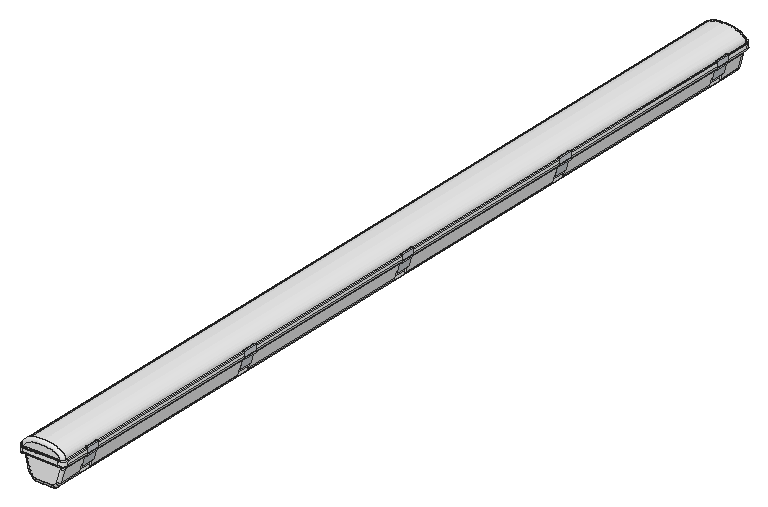
Revit family "0067961 Sylvania Lighting Fixture START Waterproof Single 1500 IP65 EM 4000lm 840", category Lighting Fixtures, host Face, Revit 2016
Family settings
  Host = Face
  Part Type = Normal
  Round Connector Dimension = Use Diameter
  OmniClass Number = 23.80.70.11.14
  OmniClass Title = General Luminaries, Directional
  Cut with Voids When Loaded = No
  Light Source = Yes
  Shared = No
  Room Calculation Point = No
Parameters (values of type "0067961 ST WTRPRF S 1500 IP65 EM 4000LM 840")
  Width = 84 mm
  Weight = "kg"
  Wattage Comments = "n/a"
  Wattage = 35 W
  WarrantyStartDate [instance] = "n/a"
  WarrantyGuarantorParts = "n/a"
  WarrantyDurationUnit = "n/a"
  WarrantyDurationParts = "n/a"
  WarrantyDescription = "n/a"
  built-in parameter 1150110 = 1 (stored number, unit not read)
  Voltage = 0 V
  URL = "http://www.sylvania-lighting.com"
  TypeName = "START Waterproof Single 1500 IP65 EM 4000lm 840"
  Type Image = <None>
  Type Comments = "n/a"
  built-in parameter 1114217 = 1 (stored number, unit not read)
  Tilt Angle = -90.00°
  built-in parameter 1150109 = 1 (stored number, unit not read)
  built-in parameter 1150134 = 12
  built-in parameter 1150113 = 1 (stored number, unit not read)
  SerialNumber [instance] = "n/a"
  ReflectorMaterial = none
  PowerFactor = 0
  PowerConsumption = "35 W"
  Photometric Web File = "0067961.ies"
  NominalWidth = 0 mm
  NominalLength = 1578 mm
  NominalHeight = 75 mm
  Name = "START Waterproof Single 1500 IP65 EM 4000lm 840"
  ModelReference = "START Waterproof Single 1500 IP65 EM 4000lm 840"
  ModelNumber = "0067961"
  Model = "START Waterproof Single 1500 IP65 EM 4000lm 840"
  Material = "polycarbonate housing, polycarbonate diffuser"
  ManufacturerName = "Feilo Sylvania"
  Manufacturer = "Feilo Sylvania"
  LuminousEfficacy = "112 lm/W"
  built-in parameter 1150105 = 311.94 (stored number, unit not read)
  Lumens = 3920 lm
  LuminaireType = ""
  built-in parameter 1150115 = 1 (stored number, unit not read)
  LightOutputRatio = "n/a"
  built-in parameter 1150137 = (empty or 0)
  built-in parameter 1150139 = (empty or 0)
  Length = 1572 mm
  LampsType = Lamp  # "LED"
  LampNominalLuminous = "3950 lm"
  LampMacAdamStep = "n/a"
  LampColourTemperature = "4000 K"
  LampColourRenderingIndex = "80"
  built-in parameter 1150112 = 1 (stored number, unit not read)
  built-in parameter 1150114 = 1 (stored number, unit not read)
  Lamp = "LED"
  Keynote = "16500"
  InstallationDate [instance] = "n/a"
  InputVoltage = "n/a"
  InputNominalFrequency = "n/a"
  built-in parameter 1150132 = (empty or 0)
  built-in parameter 1150102 = (empty or 0)
  built-in parameter 1150107 = 4000 (stored number, unit not read)
  built-in parameter 1150138 = (empty or 0)
  IngressProtection = "IP65"
  ImpactProtectionIndex = "IK08"
  built-in parameter 1150106 = 3.1194 (stored number, unit not read)
  IfcExportType = "IfcLightFixtureType"
  IfcExportAs = "IfcLightFixtureType"
  ExpectedLife = 50000
  Emit from Rectangle Width = Width - 20 mm  # 64 mm
  Emit from Rectangle Length = Length - 20 mm  # 1552 mm
  Emit Shape Visible in Rendering = no
  ElectricShockClassification = "Class I"
  built-in parameter 1150104 = 10.405 (stored number, unit not read)
  DurationUnit = "hours"
  DocumentationLiterature = "http://www.sylvania-lighting.com/product/en-int/products/0067961"
  DimmingControlOptions = "n/a"
  Dimming Lamp Color Temperature Shift = <None>
  DiffuserMaterial = Diffuser-Sylvania-Transparent
  Description = ""
  Default Elevation = 1219.2 mm
  CreatedOn = "11/27/2018"
  CreatedBy = "@sylvania-lighting.com"
  Cost = 0
  Color Filter = 16777215
  built-in parameter 1114216 [instance] = (empty or 0)
  ClassificationValue = "EF_70_80"
  ClassificationName = "Uniclass2015"
  BodyMaterial = Body-Sylvania-Gray
  BarCode [instance] = "n/a"
  built-in parameter 1114218 = 1 (stored number, unit not read)
  built-in parameter 1150133 = 10 (stored number, unit not read)
  AssetType = "Fixed"
  AssetIdentifier [instance] = "n/a"
  Assembly Code = "D5020200"
  Apparent Load = 35 VA
  AccessoryMaterial = Diffuser-Sylvania-Glow
Types (2, lengths in mm): name | Photometric Web File | LuminousEfficacy | built-in parameter 1150105 | Lumens | LampNominalLuminous | built-in parameter 1150106 | built-in parameter 1150104
  0067961 ST WTRPRF S 1500 IP65 EM 4000LM 840 | "0067961.ies" | "112 lm/W" | 311.94 (stored number, unit not read) | 3920 lm | "3950 lm" | 3.1194 (stored number, unit not read) | 10.405 (stored number, unit not read)
  0067961 ST WTRPRF S 1500 IP65 EM 4000LM 840 Emergency mode | "0067961EM.ies" | "7.867 lm/W" | 94.964 (stored number, unit not read) | 275.45 lm | "275 lm" | 0.94964 (stored number, unit not read) | 0.73115 (stored number, unit not read)
Reference planes
  plane 1 "Center (Front/Back)": y = 0
  plane 2: z = 0
  plane 3 "Center (Left/Right)": x = 0
  plane 4: z = 54
  plane 5: x = -14.7
  plane 6: x = -21.8
  plane 7: x = -26.6
  plane 8: x = -29.2
  plane 9: z = 3
  plane 10: z = 7.8
  plane 11: z = 12.3
  plane 12: z = 36.6
  plane 13: z = 42.8
  plane 14: x = -38.1
  plane 15: z = 46.2
  plane 16: x = -42
  plane 17: y = 786
  plane 18: y = -786
  plane 19: x = 14.7
  plane 20: x = 21.8
  plane 21: x = 26.6
  plane 22: x = 29.2
  plane 23: x = 38.1
  plane 24: x = 42
  plane 25: y = 778.4
  plane 26: y = -778.4
  plane 27: y = -774.7
  plane 28: y = 774.7
  plane 29: z = 74
  plane 30: x = -38.5
  plane 31: x = 38.5
  plane 32: z = 55.2
  plane 33: y = -782.5
  plane 34: y = 782.5
  plane 35: x = -24.5
  plane 36: x = 24.5
  plane 37: x = -35.7
  plane 38: x = 35.7
  plane 39: z = 50.2
  plane 40: z = 24.6
  plane 41: y = -720
  plane 42: y = -734
  plane 43: y = -706
  plane 44: y = 720
  plane 45: y = -720
  plane 46: y = -734
  plane 47: y = -706
  plane 48: y = 720
  plane 49: y = 706
  plane 50: y = 734
  plane 51: y = -360
  plane 52: y = -374
  plane 53: y = -346
  plane 54: y = 0
  plane 55: y = -14
  plane 56: y = 14
  plane 57: y = 360
  plane 58: y = 346
  plane 59: y = 374
Forms (mm)
  Sweep 1, solid, material "Body-Sylvania-Gray" <- "BodyMaterial", detail levels medium+fine
    path origin (1223.4, -4572, 54) x (0, -1, 0) y (1, 0, 0)
      loop
        arc (-3796, -1265.4) -> (-3788.929, -1262.471) -> (-3786, -1255.4) r 10
        line (-3786, -1255.4) -> (-3786, -1191.4)
        arc (-3786, -1191.4) -> (-3788.929, -1184.329) -> (-3796, -1181.4) r 10
        line (-3796, -1181.4) -> (-5348, -1181.4)
        arc (-5348, -1181.4) -> (-5355.071, -1184.329) -> (-5358, -1191.4) r 10
        line (-5358, -1191.4) -> (-5358, -1255.4)
        arc (-5358, -1255.4) -> (-5355.071, -1262.471) -> (-5348, -1265.4) r 10
        line (-5348, -1265.4) -> (-3796, -1265.4)
    profile origin (-42, 0, 54) x (-1, 0, 0) y (0, 0, 1)
      loop
        line (0, 0) -> (-1, 0) -> (-1, -7.726)
        arc (-1, -7.726) -> (-1.994, -9.498) -> (-3.9, -10.2) r 2.937
        line (-3.9, -10.2) -> (-8.571, -10.2) -> (-8.571, -11.2) -> (-3.9, -11.2)
        arc (-3.9, -11.2) -> (-1.313, -10.231) -> (0, -7.8) r 3.937
        line (0, -7.8) -> (0, 0)
  Sweep 2, solid, material "Body-Sylvania-Gray" <- "BodyMaterial", detail levels medium+fine
    path origin (0, 0, 0) x (1, 0, 0) y (0, 0, 1)
      loop
        line (35.7, 42.8) -> (35.7, 36.6) -> (29.203, 12.31)
        arc (29.203, 12.31) -> (28.199, 9.884) -> (26.6, 7.8) r 10.052
        line (26.6, 7.8) -> (21.8, 3)
        arc (21.8, 3) -> (18.554, 0.781) -> (14.7, 0) r 9.902
        line (14.7, 0) -> (0, 0) -> (-14.7, 0)
        arc (-14.7, 0) -> (-18.554, 0.781) -> (-21.8, 3) r 9.902
        line (-21.8, 3) -> (-26.6, 7.8)
        arc (-26.6, 7.8) -> (-28.199, 9.884) -> (-29.203, 12.31) r 10.052
        line (-29.203, 12.31) -> (-35.7, 36.6) -> (-35.7, 42.8)
    profile origin (0, 0, 0) x (0, 0, -1) y (0, -1, 0)
      loop
        arc (0, 773.4) -> (-1.464, 776.936) -> (-5, 778.4) r 5
        line (-5, 778.4) -> (-7.8, 778.4) -> (-7.8, -778.4) -> (-5, -778.4)
        arc (-5, -778.4) -> (-1.464, -776.936) -> (0, -773.4) r 5
        line (0, -773.4) -> (0, 773.4)
  Extrusion 3, solid, material "Body-Sylvania-Gray" <- "BodyMaterial", detail levels medium+fine
    sketch origin (1524, 778.4, 1219.2) x (1, 0, 0) y (0, 0, 1)
      loop
        arc (-1545.668, -1204.874) -> (-1545.443, -1205.418) -> (-1545.085, -1205.885) r 2.252
        line (-1545.085, -1205.885) -> (-1540.231, -1210.738)
        arc (-1540.231, -1210.738) -> (-1539.534, -1211.227) -> (-1538.7, -1211.4) r 2.102
        line (-1538.7, -1211.4) -> (-1509.3, -1211.4)
        arc (-1509.3, -1211.4) -> (-1508.466, -1211.227) -> (-1507.769, -1210.738) r 2.102
        line (-1507.769, -1210.738) -> (-1502.915, -1205.885)
        arc (-1502.915, -1205.885) -> (-1502.557, -1205.418) -> (-1502.332, -1204.874) r 2.252
        line (-1502.332, -1204.874) -> (-1496.1, -1181.575) -> (-1496.1, -1176.4) -> (-1551.9, -1176.4) -> (-1551.9, -1181.575) -> (-1545.668, -1204.874)
    from 0 to 1556.8
  Sweep 4, solid, material "Diffuser-Sylvania-Transparent" <- "DiffuserMaterial", detail levels medium+fine
    path origin (0, 0, 0) x (1, 0, 0) y (0, 0, 1)
      loop
        spline (-38.5, 55.2) -> (-37.188, 60.066) -> (-33.342, 64.6) -> (-27.224, 68.494) -> (-19.25, 71.481) -> (-9.965, 73.359) -> (0, 74) -> (9.965, 73.359) -> (19.25, 71.481) -> (27.224, 68.494) -> (33.342, 64.6) -> (37.188, 60.066) -> (38.5, 55.2)
    profile origin (38.5, 0, 55.2) x (0, -1, 0) y (1, 0, 0)
      loop
        arc (782.5, -5.5) -> (780.889, -1.611) -> (777, 0) r 5.5
        line (777, 0) -> (-777, 0)
        arc (-777, 0) -> (-780.889, -1.611) -> (-782.5, -5.5) r 5.5
        line (-782.5, -5.5) -> (-782.5, -6.3) -> (-781.5, -6.3) -> (-781.5, -5.5)
        arc (-781.5, -5.5) -> (-780.182, -2.318) -> (-777, -1) r 4.5
        line (-777, -1) -> (777, -1)
        arc (777, -1) -> (780.182, -2.318) -> (781.5, -5.5) r 4.5
        line (781.5, -5.5) -> (781.5, -6.347) -> (782.5, -6.347) -> (782.5, -5.5)
  Extrusion 5, solid, material "Diffuser-Sylvania-Transparent" <- "DiffuserMaterial", detail levels medium+fine
    sketch origin (1524, -782.5, 1219.2) x (1, 0, 0) y (0, 0, 1)
      loop
        line (-1556.653, -1164) -> (-1491.347, -1164)
        spline (-1491.347, -1164) -> (-1491.939, -1161.945) -> (-1494.434, -1159.066) -> (-1499.342, -1155.96) -> (-1506.338, -1153.35) -> (-1514.799, -1151.648) -> (-1524, -1151.047) -> (-1533.201, -1151.648) -> (-1541.662, -1153.35) -> (-1548.658, -1155.96) -> (-1553.566, -1159.066) -> (-1556.061, -1161.945) -> (-1556.653, -1164)
    from 0 to -1
  Extrusion 6, solid, material "Diffuser-Sylvania-Transparent" <- "DiffuserMaterial", detail levels medium+fine
    sketch origin (1524, 782.5, 1219.2) x (1, 0, 0) y (0, 0, 1)
      loop
        spline (-1491.3, -1164) -> (-1491.898, -1161.922) -> (-1494.404, -1159.03) -> (-1499.322, -1155.918) -> (-1506.325, -1153.305) -> (-1514.793, -1151.602) -> (-1524, -1151) -> (-1533.207, -1151.602) -> (-1541.675, -1153.305) -> (-1548.678, -1155.918) -> (-1553.596, -1159.03) -> (-1556.102, -1161.922) -> (-1556.7, -1164)
        line (-1556.7, -1164) -> (-1491.3, -1164)
    from 0 to 1
  Extrusion 7, solid, material "Diffuser-Sylvania-Glow" <- "AccessoryMaterial", detail levels fine
    sketch origin (0, 0, 0) x (1, 0, 0) y (0, 0, 1)
      loop
        circle (0, 50.2) r 8
    from -774.7 to 774.7
  Extrusion 8, void
    sketch origin (0, -720, 2343.807) x (0, 0, -1) y (-1, 0, 0)
      loop
        line (2340.807, -24.5) -> (2331.507, -24.5) -> (2319.207, -29.2) -> (2319.207, -35.7) -> (2340.807, -35.7) -> (2340.807, -24.5)
      loop
        line (2340.807, 24.5) -> (2340.807, 35.7) -> (2319.207, 35.7) -> (2319.207, 29.2) -> (2331.507, 24.5) -> (2340.807, 24.5)
    from 14 to -14
  Extrusion 9, void, not visible
    sketch origin (0, -720, 2343.807) x (0, 0, -1) y (-1, 0, 0)
      loop
        line (2340.807, -24.5) -> (2331.507, -24.5) -> (2319.207, -29.2) -> (2319.207, -35.7) -> (2340.807, -35.7) -> (2340.807, -24.5)
      loop
        line (2340.807, 24.5) -> (2340.807, 35.7) -> (2319.207, 35.7) -> (2319.207, 29.2) -> (2331.507, 24.5) -> (2340.807, 24.5)
    from 14 to -14
  Extrusion 10, void
    sketch origin (0, 720, 2343.807) x (0, 0, -1) y (-1, 0, 0)
      loop
        line (2340.807, -24.5) -> (2331.507, -24.5) -> (2319.207, -29.2) -> (2319.207, -35.7) -> (2340.807, -35.7) -> (2340.807, -24.5)
      loop
        line (2340.807, 24.5) -> (2340.807, 35.7) -> (2319.207, 35.7) -> (2319.207, 29.2) -> (2331.507, 24.5) -> (2340.807, 24.5)
    from 14 to -14
  Extrusion 11, void
    sketch origin (0, -360, 2343.807) x (0, 0, -1) y (-1, 0, 0)
      loop
        line (2340.807, -24.5) -> (2331.507, -24.5) -> (2319.207, -29.2) -> (2319.207, -35.7) -> (2340.807, -35.7) -> (2340.807, -24.5)
      loop
        line (2340.807, 24.5) -> (2340.807, 35.7) -> (2319.207, 35.7) -> (2319.207, 29.2) -> (2331.507, 24.5) -> (2340.807, 24.5)
    from 14 to -14
  Extrusion 12, void
    sketch origin (0, 0, 2343.807) x (0, 0, -1) y (-1, 0, 0)
      loop
        line (2340.807, -24.5) -> (2331.507, -24.5) -> (2319.207, -29.2) -> (2319.207, -35.7) -> (2340.807, -35.7) -> (2340.807, -24.5)
      loop
        line (2340.807, 24.5) -> (2340.807, 35.7) -> (2319.207, 35.7) -> (2319.207, 29.2) -> (2331.507, 24.5) -> (2340.807, 24.5)
    from 14 to -14
  Extrusion 13, void
    sketch origin (0, 360, 2343.807) x (0, 0, -1) y (-1, 0, 0)
      loop
        line (2340.807, -24.5) -> (2331.507, -24.5) -> (2319.207, -29.2) -> (2319.207, -35.7) -> (2340.807, -35.7) -> (2340.807, -24.5)
      loop
        line (2340.807, 24.5) -> (2340.807, 35.7) -> (2319.207, 35.7) -> (2319.207, 29.2) -> (2331.507, 24.5) -> (2340.807, 24.5)
    from 14 to -14
  Extrusion 14, solid, material "Diffuser-Sylvania-Transparent" <- "DiffuserMaterial", detail levels medium+fine
    sketch origin (1223.4, -4572, 54) x (0, -1, 0) y (-1, 0, 0)
      loop
        arc (-5348, 1265.4) -> (-5355.071, 1262.471) -> (-5358, 1255.4) r 10
        line (-5358, 1255.4) -> (-5358, 1191.4)
        arc (-5358, 1191.4) -> (-5355.071, 1184.329) -> (-5348, 1181.4) r 10
        line (-5348, 1181.4) -> (-3796, 1181.4)
        arc (-3796, 1181.4) -> (-3788.929, 1184.329) -> (-3786, 1191.4) r 10
        line (-3786, 1191.4) -> (-3786, 1255.4)
        arc (-3786, 1255.4) -> (-3788.929, 1262.471) -> (-3796, 1265.4) r 10
        line (-3796, 1265.4) -> (-5348, 1265.4)
      loop
        arc (-5354.5, 1190.394) -> (-5352.887, 1186.509) -> (-5349, 1184.9) r 5.5
        line (-5349, 1184.9) -> (-3795, 1184.9)
        arc (-3795, 1184.9) -> (-3791.113, 1186.509) -> (-3789.5, 1190.394) r 5.5
        line (-3789.5, 1190.394) -> (-3789.5, 1256.406)
        arc (-3789.5, 1256.406) -> (-3791.113, 1260.291) -> (-3795, 1261.9) r 5.5
        line (-3795, 1261.9) -> (-5349, 1261.9)
        arc (-5349, 1261.9) -> (-5352.887, 1260.291) -> (-5354.5, 1256.406) r 5.5
        line (-5354.5, 1256.406) -> (-5354.5, 1190.394)
    from 0 to -1.2
  Extrusion 15, solid, material "Body-Sylvania-Gray" <- "BodyMaterial", detail levels coarse
    sketch origin (0, 0, 0) x (1, 0, 0) y (0, 0, 1)
      loop
        line (-42, 55.2) -> (-42, 42.8) -> (-26.6, 0) -> (26.6, 0) -> (42, 42.8) -> (42, 55.2) -> (-42, 55.2)
    from -786 to 786
  Extrusion 16, solid, material "Diffuser-Sylvania-Transparent" <- "DiffuserMaterial", detail levels coarse
    sketch origin (0, 0, 0) x (1, 0, 0) y (0, 0, 1)
      loop
        line (-38.5, 55.2) -> (38.5, 55.2)
        arc (38.5, 55.2) -> (0, 74) -> (-38.5, 55.2) r 48.822
    from -778.4 to 778.4
Cuts and joins
  Extrusion 8, Extrusion 10, Extrusion 11, Extrusion 12, Extrusion 13 cuts Sweep 2
  Extrusion 8, Extrusion 10, Extrusion 11, Extrusion 12, Extrusion 13 cuts Extrusion 3
  joined: Sweep 2, Extrusion 3
  joined: Sweep 4, Extrusion 5, Extrusion 6, Extrusion 14
Dimensions and locks
  locked: plane 4 to plane 2 at 54
  plane 5 to plane 6 to plane 7 to plane 8 to plane 14 to plane 16 = 7.1 mm locked, 4.8 mm locked, 2.6 mm locked, 8.9 mm locked, 3.9 mm locked
  plane 4 to plane 15 to plane 13 to plane 12 to plane 11 to plane 10 to plane 9 = 7.8 mm locked, 3.4 mm, 6.2 mm locked, 24.3 mm locked, 4.5 mm locked, 4.8 mm locked
  equal spacing: plane 18, plane 1 "Center (Front/Back)", plane 17
  "Length": plane 18 to plane 17
  plane 19 to plane 20 to plane 21 to plane 22 to plane 23 to plane 24 = 7.1 mm locked, 4.8 mm locked, 2.6 mm locked, 8.9 mm, 3.9 mm
  equal spacing: plane 24, plane 3 "Center (Left/Right)", plane 16
  "Width": plane 24 to plane 16
  equal spacing: plane 27, plane 1 "Center (Front/Back)", plane 28
  locked: plane 26 to plane 27 at 3.7
  locked: Sweep 1 sketch curve to profile plane at 1
  locked: Sweep 1 sketch curve to plane 13 at 1
  locked: Sweep 1 sketch curve to plane 13 at 3.937  (x2)
  locked: Sweep 1 sketch curve to profile plane at 3.9  (x2)
  plane 29 to plane 4 = 20 mm
  equal spacing: plane 31, plane 3 "Center (Left/Right)", plane 30
  locked: plane 30 to plane 16 at 3.5
  locked: plane 32 to plane 4 at 1.2
  equal spacing: plane 33, plane 1 "Center (Front/Back)", plane 34
  equal spacing: plane 36, plane 3 "Center (Left/Right)", plane 35
  locked: plane 34 to plane 17 at 3.5
  equal spacing: plane 38, plane 3 "Center (Left/Right)", plane 37
  locked: plane 37 to plane 16 at 6.3
  equal spacing: plane 25, plane 1 "Center (Front/Back)", plane 26
  locked: plane 17 to plane 25 at 7.6
  locked: Sweep 2 sketch curve to plane 2 at 5  (x2)
  locked: Sweep 2 sketch curve to plane 26 at 5
  locked: plane 25 to Sweep 2 sketch curve at 5
  locked: Sweep 4 sketch curve to plane 31 at 5.5  (x2)
  locked: Sweep 4 sketch curve to plane 34 at 5.5
  plane 33 to Sweep 4 sketch curve = 5.5 mm
  locked: plane 34 to Sweep 4 sketch curve at 1
  locked: Sweep 4 sketch curve to plane 31 at 1
  locked: Sweep 4 sketch curve to Sweep 4 sketch curve at 1
  locked: Sweep 4 sketch curve to plane 31 at 6.347
  locked: Sweep 4 sketch curve to plane 31 at 6.3
  locked: plane 40 to plane 2 at 24.6
  locked: plane 6 to plane 35 at 2.7
  locked: plane 1 "Center (Front/Back)" to plane 41 at 720
  plane 43 to plane 41 to plane 42 = 14 mm locked, 14 mm locked
  locked: plane 44 to plane 1 "Center (Front/Back)" at 720
  plane 47 to plane 45 to plane 46 = 14 mm locked, 14 mm locked
  plane 50 to plane 48 to plane 49 = 14 mm locked, 14 mm locked  (x2)
  equal spacing: group 1, group 6, group 7, group 8, group 5  (x3)
  plane 53 to plane 51 to plane 52 = 14 mm locked, 14 mm locked  (x2)
  plane 56 to plane 54 to plane 55 = 14 mm locked, 14 mm locked  (x2)
  plane 59 to plane 57 to plane 58 = 14 mm locked, 14 mm locked  (x2)
  plane 48 to plane 57 to plane 1 "Center (Front/Back)" to plane 51 to plane 41 = 360 mm locked, 360 mm locked, 360 mm locked, 360 mm locked
  aligned and locked: plane 2 to host face
  aligned and locked: level to host face
  aligned and locked: plane 16 to Sweep 1 sketch curve
  aligned and locked: Sweep 1 sketch curve to plane 24
  aligned and locked: plane 18 to Sweep 1 sketch curve
  aligned and locked: Sweep 1 sketch curve to plane 13
  aligned and locked: profile plane to Sweep 1 sketch curve
  aligned and locked: plane 3 "Center (Left/Right)" to Sweep 2 sketch curve
  aligned and locked: plane 9 to Sweep 2 sketch curve
  aligned and locked: plane 10 to Sweep 2 sketch curve
  aligned and locked: plane 37 to Sweep 2 sketch curve
  aligned and locked: plane 12 to Sweep 2 sketch curve
  aligned and locked: Sweep 2 sketch curve to level
  aligned and locked: plane 21 to Sweep 2 sketch curve
  aligned and locked: plane 38 to Sweep 2 sketch curve
  aligned and locked: profile plane to Sweep 2 sketch curve
  aligned and locked: plane 25 to Sweep 2 sketch curve
  aligned and locked: Sweep 2 sketch curve to plane 10
  aligned and locked: Extrusion 3 sketch curve to Sweep 2  (x7)
  aligned and locked: Sweep 2 to Extrusion 3 sketch curve
  aligned and locked: Extrusion 3 to plane 25
  aligned and locked: plane 26 to Extrusion 3
  aligned and locked: plane 32 to Sweep 4 sketch curve
  aligned and locked: plane 33 to Sweep 4 sketch curve
  aligned and locked: Sweep 4 to Extrusion 5
  aligned and locked: plane 33 to Extrusion 5
  aligned and locked: plane 39 to Extrusion 7 sketch curve
  aligned and locked: plane 27 to Extrusion 7
  aligned and locked: Extrusion 7 to plane 28
  aligned and locked: Extrusion 6 sketch curve to Sweep 4
  aligned and locked: Extrusion 5 sketch curve to Sweep 4
  aligned and locked: Extrusion 8 to plane 43
  aligned and locked: plane 42 to Extrusion 8
  aligned and locked: Extrusion 10 to plane 50
  aligned and locked: plane 49 to Extrusion 10
  aligned and locked: Extrusion 11 to plane 53
  aligned and locked: plane 52 to Extrusion 11
  aligned and locked: Extrusion 12 to plane 56
  aligned and locked: plane 55 to Extrusion 12
  aligned and locked: Extrusion 13 to plane 59
  aligned and locked: plane 58 to Extrusion 13
  aligned and locked: plane 3 "Center (Left/Right)" to Extrusion 7 sketch curve
  aligned and locked: Extrusion 14 sketch curve to Sweep 1  (x4)
  aligned and locked: Extrusion 14 to plane 32
  aligned and locked: plane 4 to Extrusion 14
  aligned and locked: plane 48 to nested 1
  aligned and locked: plane 57 to nested 2
  aligned and locked: plane 54 to nested 3
  aligned and locked: nested 4 to plane 51
  aligned and locked: nested 5 to plane 41
  aligned and locked: plane 41 to nested 10
  aligned and locked: plane 51 to nested 9
  aligned and locked: plane 54 to nested 8
  aligned and locked: plane 57 to nested 7
  aligned and locked: plane 48 to nested 6
  aligned and locked: plane 1 "Center (Front/Back)" to imposter light
  aligned and locked: plane 3 "Center (Left/Right)" to imposter light
  aligned and locked: imposter light to plane 29
  aligned and locked: plane 7 to Extrusion 15 sketch curve
  aligned and locked: plane 2 to Extrusion 15 sketch curve
  aligned and locked: Extrusion 15 sketch curve to nested 6
  aligned and locked: Extrusion 15 sketch curve to nested 1
  aligned and locked: plane 18 to Extrusion 15
  aligned and locked: Extrusion 15 to plane 17
  aligned and locked: Extrusion 15 to Sweep 1  (x2)
  aligned and locked: plane 30 to Extrusion 16 sketch curve
  aligned and locked: plane 31 to Extrusion 16 sketch curve
  aligned and locked: Extrusion 16 sketch curve to cut or joined group of Sweep 4, Extrusion 5, Extrusion 6, Extrusion 14
  aligned and locked: Extrusion 16 to plane 25
  aligned and locked: plane 26 to Extrusion 16
Automatic sketch dimensions
  host sketch curve to host sketch curve = 2438.4 mm  (x2)
  plane 17 to Sweep 1 sketch curve = 0 mm
  Sweep 1 sketch curve to plane 28 = 1.3 mm
  Sweep 1 sketch curve to plane 7 = 5.4 mm
  plane 27 to Sweep 1 sketch curve = 1.3 mm  (x2)
  Sweep 1 sketch curve to Sweep 1 sketch curve = 4.671 mm
  Sweep 1 sketch curve to plane 4 = 0 mm
  Sweep 2 sketch curve to plane 7 = 0 mm
  Sweep 2 sketch curve to plane 6 = 0 mm
  Sweep 2 sketch curve to plane 5 = 0 mm
  plane 19 to Sweep 2 sketch curve = 0 mm
  Sweep 2 sketch curve to plane 9 = 0 mm
  plane 20 to Sweep 2 sketch curve = 0 mm
  Sweep 2 sketch curve to plane 12 = 0 mm
  Sweep 2 sketch curve to plane 10 = 0 mm
  Sweep 2 sketch curve to plane 13 = 0 mm  (x2)
  Sweep 2 sketch curve to plane 8 = 0.003 mm
  plane 6 to Sweep 2 sketch curve = 2.308 mm
  plane 20 to Sweep 2 sketch curve = 2.308 mm
  Sweep 2 sketch curve to plane 22 = 0.003 mm
  Sweep 2 sketch curve to plane 11 = 0.01 mm  (x2)
  Extrusion 3 sketch curve to plane 5 = 0 mm
  plane 19 to Extrusion 3 sketch curve = 0 mm
  plane 6 to Extrusion 3 sketch curve = 0.132 mm
  plane 6 to Extrusion 3 sketch curve = 0.715 mm
  Extrusion 3 sketch curve to Extrusion 3 sketch curve = 1.592 mm
  Extrusion 3 sketch curve to plane 10 = 0.662 mm  (x2)
  plane 20 to Extrusion 3 sketch curve = 2.308 mm
  plane 20 to Extrusion 3 sketch curve = 0.715 mm
  plane 20 to Extrusion 3 sketch curve = 0.132 mm
  Sweep 4 sketch curve to plane 30 = 0 mm
  Sweep 4 sketch curve to plane 3 "Center (Left/Right)" = 0 mm
  Sweep 4 sketch curve to Sweep 4 sketch curve = 0 mm  (x2)
  plane 37 to Extrusion 6 sketch curve = 3 mm
  Extrusion 6 sketch curve to plane 38 = 3 mm
  plane 37 to Extrusion 5 sketch curve = 3.047 mm
  Extrusion 5 sketch curve to plane 38 = 3.047 mm
  Extrusion 8 sketch curve to Extrusion 8 sketch curve = 0 mm
  Extrusion 8 sketch curve to Extrusion 8 sketch curve = 12.3 mm  (x2)
  Extrusion 8 sketch curve to Extrusion 8 sketch curve = 9.3 mm  (x2)
  Extrusion 8 sketch curve to Extrusion 8 sketch curve = 6.5 mm  (x2)
  Extrusion 8 sketch curve to Extrusion 8 sketch curve = 4.7 mm  (x2)
  Extrusion 8 sketch curve to Extrusion 8 sketch curve = 49 mm
  Extrusion 9 sketch curve to Extrusion 9 sketch curve = 0 mm
  Extrusion 9 sketch curve to Extrusion 9 sketch curve = 12.3 mm  (x2)
  Extrusion 9 sketch curve to Extrusion 9 sketch curve = 9.3 mm  (x2)
  Extrusion 9 sketch curve to Extrusion 9 sketch curve = 6.5 mm  (x2)
  Extrusion 9 sketch curve to Extrusion 9 sketch curve = 4.7 mm  (x2)
  Extrusion 9 sketch curve to Extrusion 9 sketch curve = 49 mm
  Extrusion 10 sketch curve to Extrusion 10 sketch curve = 0 mm
  Extrusion 10 sketch curve to Extrusion 10 sketch curve = 12.3 mm  (x2)
  Extrusion 10 sketch curve to Extrusion 10 sketch curve = 9.3 mm  (x2)
  Extrusion 10 sketch curve to Extrusion 10 sketch curve = 6.5 mm  (x2)
  Extrusion 10 sketch curve to Extrusion 10 sketch curve = 4.7 mm  (x2)
  Extrusion 10 sketch curve to Extrusion 10 sketch curve = 49 mm
  Extrusion 11 sketch curve to Extrusion 11 sketch curve = 0 mm
  Extrusion 11 sketch curve to Extrusion 11 sketch curve = 12.3 mm  (x2)
  Extrusion 11 sketch curve to Extrusion 11 sketch curve = 9.3 mm  (x2)
  Extrusion 11 sketch curve to Extrusion 11 sketch curve = 6.5 mm  (x2)
  Extrusion 11 sketch curve to Extrusion 11 sketch curve = 4.7 mm  (x2)
  Extrusion 11 sketch curve to Extrusion 11 sketch curve = 49 mm
  Extrusion 12 sketch curve to Extrusion 12 sketch curve = 0 mm
  Extrusion 12 sketch curve to Extrusion 12 sketch curve = 12.3 mm  (x2)
  Extrusion 12 sketch curve to Extrusion 12 sketch curve = 9.3 mm  (x2)
  Extrusion 12 sketch curve to Extrusion 12 sketch curve = 6.5 mm  (x2)
  Extrusion 12 sketch curve to Extrusion 12 sketch curve = 4.7 mm  (x2)
  Extrusion 12 sketch curve to Extrusion 12 sketch curve = 49 mm
  Extrusion 13 sketch curve to Extrusion 13 sketch curve = 0 mm
  Extrusion 13 sketch curve to Extrusion 13 sketch curve = 12.3 mm  (x2)
  Extrusion 13 sketch curve to Extrusion 13 sketch curve = 9.3 mm  (x2)
  Extrusion 13 sketch curve to Extrusion 13 sketch curve = 6.5 mm  (x2)
  Extrusion 13 sketch curve to Extrusion 13 sketch curve = 4.7 mm  (x2)
  Extrusion 13 sketch curve to Extrusion 13 sketch curve = 49 mm
  Extrusion 14 sketch curve to plane 34 = 0 mm
  plane 30 to Extrusion 14 sketch curve = 0 mm
  Extrusion 14 sketch curve to plane 31 = 0 mm
  plane 33 to Extrusion 14 sketch curve = 0 mm
  plane 25 to Extrusion 14 sketch curve = 1.4 mm  (x4)
  Extrusion 14 sketch curve to plane 26 = 1.4 mm  (x4)
  plane 37 to Extrusion 14 sketch curve = 2.694 mm  (x2)
  Extrusion 14 sketch curve to plane 38 = 2.694 mm  (x2)
  plane 21 to Extrusion 15 sketch curve = 0 mm
  Extrusion 15 sketch curve to plane 13 = 0 mm  (x2)
  Extrusion 15 sketch curve to plane 32 = 0 mm
  Extrusion 16 sketch curve to plane 40 = 0.578 mm
  radius of Extrusion 7 sketch curve = 8 mm
Nested families
  nested 1: "Clip" at (-29.2, 720, 24.6) x (-1, 0, 0) z (0, 0, 1), type "Clip", detail levels fine
  nested 2: "Clip" at (-29.2, 360, 24.6) x (-1, 0, 0) z (0, 0, 1), type "Clip", detail levels fine
  nested 3: "Clip" at (-29.2, 0, 24.6) x (-1, 0, 0) z (0, 0, 1), type "Clip", detail levels fine
  nested 4: "Clip" at (-29.2, -360, 24.6) x (-1, 0, 0) z (0, 0, 1), type "Clip", detail levels fine
  nested 5: "Clip" at (-29.2, -720, 24.6) x (-1, 0, 0) z (0, 0, 1), type "Clip", detail levels fine
  nested 6: "Clip" at (29.2, 720, 24.6), type "Clip", detail levels fine
  nested 7: "Clip" at (29.2, 360, 24.6), type "Clip", detail levels fine
  nested 8: "Clip" at (29.2, 0, 24.6), type "Clip", detail levels fine
  nested 9: "Clip" at (29.2, -360, 24.6), type "Clip", detail levels fine
  nested 10: "Clip" at (29.2, -720, 24.6), type "Clip", detail levels fine
Connectors
  electrical at (0, 0, 0), driven by "Apparent Load"
    settings: index 1, voltage 230 V, apparent load 35 VA, apparent load phase1 0 VA, apparent load phase2 0 VA, apparent load phase3 0 VA, power factor 0, load classification "Lighting", number of poles 1, system type 30, power factor state 1, is connector primary yes, connector utility no, sub classification motor no, connector description ""
Definition of nested family "Clip"
  Parameters (values of type "Clip")
    URL = "http://www.feilosylvania.com"
    Type Comments = "n/a"
    Model = "n/a"
    Manufacturer = "Feilo Sylvania"
    Keynote = "n/a"
    Description = "n/a"
    Default Elevation = 1219.2 mm
    Cost = 0
    BodyMaterial = none
    Assembly Code = "n/a"
  Reference planes
    plane 1 "Center (Front/Back)": y = 0
    plane 2: z = 0
    plane 3 "Center (Left/Right)": x = 0
    plane 4: x = 3.3
    plane 5: x = 6.5
    plane 6: x = 8.9
    plane 7: x = 12.8
    plane 8: z = 12
    plane 9: z = 18.2
    plane 10: z = 21.6
    plane 11: z = 30.6
    plane 12: x = 9.3
    plane 13: z = 19.2
    plane 14: z = 16.2
    plane 15: x = 10.1
    plane 16: y = 12
    plane 17: y = -12
  Forms (mm)
    Extrusion 1, solid
      sketch origin (-0.8, 0, 0) x (1, 0, 0) y (0, 1, 0)
        loop
          line (-1219.2, 1219.2) -> (-1219.2, -1219.2) -> (1219.2, -1219.2) -> (1219.2, 1219.2) -> (-1219.2, 1219.2)
      from 0 to -304.8
    Extrusion 2, solid
      sketch origin (0, 0, 0) x (1, 0, 0) y (0, 0, 1)
        loop
          line (8.9, 16.2) -> (4.58, 0) -> (0, 0) -> (0, -0.8) -> (5.195, -0.8) -> (9.603, 15.731) -> (13.6, 18.806) -> (13.6, 30.6)
          arc (13.6, 30.6) -> (11.45, 32.75) -> (9.3, 30.6) r 2.15
          line (9.3, 30.6) -> (10.1, 30.6)
          arc (10.1, 30.6) -> (11.45, 31.95) -> (12.8, 30.6) r 1.35
          line (12.8, 30.6) -> (12.8, 19.2) -> (8.9, 16.2)
      from -12 to 12
  Lines and regions (mm)
    reference lines
      curve 1: line (3.3, 0, 0) -> (6.5, 0, 12)
      curve 2: arc (8.9, 0, 18.2) -> (11.488, 0, 19.169) -> (12.8, 0, 21.6) r 3.934
  Dimensions and locks
    plane 7 to plane 6 to plane 5 to plane 4 to plane 3 "Center (Left/Right)" = 3.9 mm locked, 2.4 mm locked, 3.2 mm locked, 3.3 mm locked
    plane 11 to plane 10 to plane 9 to plane 8 to plane 2 = 9 mm locked, 3.4 mm locked, 6.2 mm locked, 12 mm locked
    locked: plane 7 to plane 12 at 3.5
    locked: plane 13 to plane 9 at 1
    locked: plane 9 to plane 14 at 2
    locked: plane 15 to plane 12 at 0.8
    locked: plane 2 to Extrusion 2 sketch curve at 0.8
    locked: Extrusion 2 sketch curve to Extrusion 2 sketch curve at 0.8  (x3)
    locked: plane 7 to Extrusion 2 sketch curve at 1.35
    equal spacing: plane 17, plane 1 "Center (Front/Back)", plane 16
    locked: plane 1 "Center (Front/Back)" to plane 16 at 12
    aligned and locked: plane 2 to Extrusion 1
    aligned and locked: level to Extrusion 1
    aligned and locked: plane 4 to curve 1
    aligned and locked: plane 5 to curve 1
    aligned and locked: plane 6 to curve 2
    aligned and locked: plane 10 to curve 2
    aligned and locked: plane 14 to Extrusion 2 sketch curve
    aligned and locked: plane 13 to Extrusion 2 sketch curve
    aligned and locked: plane 7 to Extrusion 2 sketch curve
    aligned and locked: plane 3 "Center (Left/Right)" to Extrusion 2 sketch curve
    aligned and locked: Extrusion 2 sketch curve to level
    aligned and locked: Extrusion 2 sketch curve to plane 11
    aligned and locked: plane 11 to Extrusion 2 sketch curve
    aligned and locked: Extrusion 2 to plane 16
    aligned and locked: plane 17 to Extrusion 2
  Automatic sketch dimensions
    Extrusion 1 sketch curve to Extrusion 1 sketch curve = 2438.4 mm  (x2)
    curve 2 to plane 7 = 0 mm
    curve 1 to level = 0 mm
    curve 1 to plane 8 = 0 mm
    curve 2 to plane 9 = 0 mm
    plane 6 to curve 2 = 0.002 mm
    Extrusion 2 sketch curve to Extrusion 2 sketch curve = 0 mm
    Extrusion 2 sketch curve to plane 6 = 0 mm
    plane 4 to Extrusion 2 sketch curve = 1.28 mm
